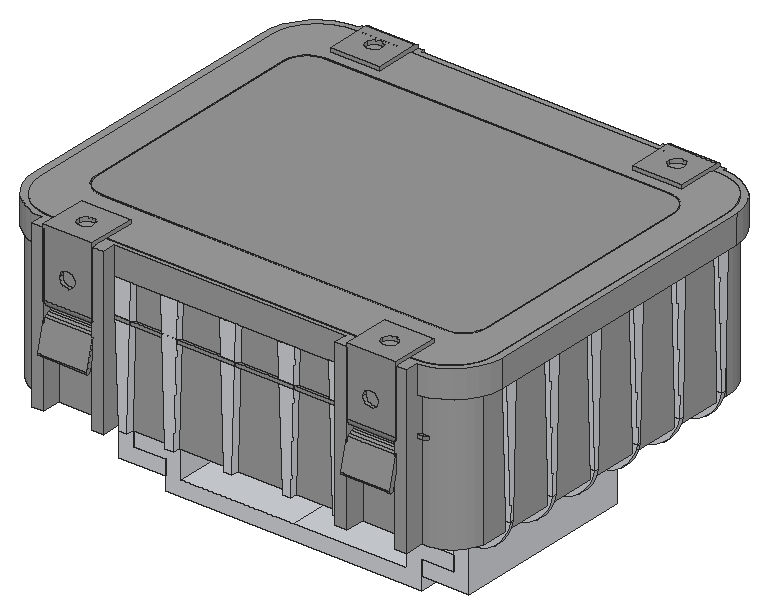
Revit family "BL716LEDHT", category Lighting Fixtures, host Face, Revit 2023
Family settings
  Host = Face
  Round Connector Dimension = Use Diameter
  Part Type = Normal
  Cut with Voids When Loaded = No
  Light Source = Yes
  Maintain Annotation Orientation = No
  Shared = No
  Room Calculation Point = No
Parameters (values of type "BL726LEDHTMOWT40120-277V")
  Wattage Comments = "30W"
  Wattage = 30 W
  built-in parameter 1150110 = 1 (stored number, unit not read)
  Type Image = BL716LED.PNG
  built-in parameter 1114217 = 0.9 (stored number, unit not read)
  Tilt Angle = -90.00°
  built-in parameter 1150109 = 1 (stored number, unit not read)
  built-in parameter 1150134 = (empty or 0)
  built-in parameter 1150113 = 1 (stored number, unit not read)
  Photometric Web File = "BL716LEDHTMOWT40120-277 TO REVIT.ies"
  Model = "BL716LED"
  Manufacturer = "BEGHELLI"
  built-in parameter 1150105 = 949.72 (stored number, unit not read)
  Lumens = 2010 lm
  built-in parameter 1150115 = 1 (stored number, unit not read)
  built-in parameter 1150137 = (empty or 0)
  built-in parameter 1150139 = (empty or 0)
  built-in parameter 1150112 = 1 (stored number, unit not read)
  built-in parameter 1150114 = 1 (stored number, unit not read)
  Lamp = "LED"
  LENS MATERIAL = LENS MATERIAL
  built-in parameter 1150132 = (empty or 0)
  built-in parameter 1150102 = (empty or 0)
  built-in parameter 1150107 = 3500 (stored number, unit not read)
  built-in parameter 1150138 = (empty or 0)
  built-in parameter 1150106 = 9.4972 (stored number, unit not read)
  HOUSING MATERIAL = HOUSING MATERIAL
  Emit from Line Length = 2' - 0"
  built-in parameter 1150104 = 6.2245 (stored number, unit not read)
  Dimming Lamp Color Temperature Shift = <None>
  Default Elevation = 4' - 0"
  Color Filter = 16777215
  built-in parameter 1114218 = 1 (stored number, unit not read)
  built-in parameter 1150133 = 10 (stored number, unit not read)
Types (4): name | Wattage Comments | Wattage | Photometric Web File | built-in parameter 1150105 | Lumens | built-in parameter 1150106 | built-in parameter 1150104
  (no name) | "30W" | 30 W | "BL716LEDHTMOWT40120-277 TO REVIT.ies" | 949.72 (stored number, unit not read) | 2010 lm | 9.4972 (stored number, unit not read) | 6.2245 (stored number, unit not read)
  BL726LEDHTHOWT40120-277V | "40W" | 40 W | "BL716LEDHTHOWT40120-277 TO REVIT.ies" | 210.08 (stored number, unit not read) | 2640 lm | 2.1008 (stored number, unit not read) | 6.1316 (stored number, unit not read)
  BL726LEDHTLOWT40120-277V | "20W" | 20 W | "BL716LEDHTLOWT40120-277 TO REVIT.ies" | 633.44 (stored number, unit not read) | 1340 lm | 6.3344 (stored number, unit not read) | 6.2245 (stored number, unit not read)
  BL726LEDHTMOWT40120-277V | "30W" | 30 W | "BL716LEDHTMOWT40120-277 TO REVIT.ies" | 949.72 (stored number, unit not read) | 2010 lm | 9.4972 (stored number, unit not read) | 6.2245 (stored number, unit not read)
Reference planes (in)
  plane 1 "Center (Front/Back)": y = 0
  plane 2: z = 0
  plane 3 "Center (Left/Right)": x = 0
Forms (in)
  Extrusion 1, solid
    sketch origin (0, -0.18078, -2.59375) x (1, 0, 0) y (0, 0, 1)
      loop
        line (-2.77079, 3.72427) -> (-2.77079, 2.7983) -> (-2.02079, 2.7983) -> (-2.02079, 3.03658) -> (-2.53251, 3.03658) -> (-2.53251, 3.48599) -> (2.53251, 3.48599) -> (2.53251, 3.03658) -> (2.02079, 3.03658) -> (2.02079, 2.7983) -> (2.77079, 2.7983) -> (2.77079, 3.72427) -> (-2.77079, 3.72427)
    from -1.64858 to 1.28701
  Extrusion 2, solid
    sketch origin (0, -0.18078, 0) x (1, 0, 0) y (0, 0, 1)
      loop
        line (-2.02079, 0.44283) -> (-2.02079, 0) -> (0, 0) -> (2.02079, 0) -> (2.02079, 0.44283) -> (2.53251, 0.44283) -> (2.53251, 0.68111) -> (1.78251, 0.68111) -> (1.78251, 0.23828) -> (0, 0.23828) -> (-1.78251, 0.23828) -> (-1.78251, 0.68111) -> (-2.53251, 0.68111) -> (-2.53251, 0.44283) -> (-2.02079, 0.44283)
    from -1.64858 to 1.28701
Dimensions and locks (in)
  aligned and locked: plane 2 to host face
  aligned and locked: level to host face
  aligned and locked: nested 1 to Extrusion 1
  aligned and locked: imposter light to nested 1
Nested families (in)
  nested 1: "BOX LED mini" at (-0.02344, 0, -5.83366), type "BOX LED mini"
Definition of nested family "BOX LED mini"
  Parameters (values of type "BOX LED mini")
    LENS MATERIAL = none
    HOUSING MATERIAL = none
    Default Elevation = 0' - 0"
  Reference planes (in)
    plane 1 "Center (Front/Back)": y = 0
    plane 2: z = 0
    plane 3 "Center (Left/Right)": x = 0
    plane 4: z = 9.5
    plane 5: y = 3.48
    plane 6 "A": z = 7.3365
    plane 7: x = -3.72
    plane 8: x = 3.72
    plane 9: y = -3.48
  Forms (in)
    Extrusion 1, solid, material <- "HOUSING MATERIAL"
      sketch origin (0, 0, 9.10704) x (0, -1, 0) y (1, 0, 0)
        loop
          arc (-2.68472, 3.71875) -> (-3.2251, 3.45056) -> (-3.44866, 2.89024) r 0.8445
          line (-3.44866, 2.89024) -> (-3.49581, 2.89024) -> (-3.49581, 2.77404) -> (-3.4395, 2.77404) -> (-3.4395, 2.02404) -> (-3.49581, 2.02404) -> (-3.49581, 1.89939) -> (-3.45091, 1.89939) -> (-3.45091, -1.88723) -> (-3.49581, -1.88723) -> (-3.49581, -2.00344) -> (-3.4395, -2.00344) -> (-3.4395, -2.75344) -> (-3.49581, -2.75344) -> (-3.49581, -2.87809) -> (-3.44875, -2.87809)
          arc (-3.44875, -2.87809) -> (-3.2014, -3.47524) -> (-2.60425, -3.72259) r 0.8445
          line (-2.60425, -3.72259) -> (1.90112, -3.72259)
          arc (1.90112, -3.72259) -> (2.4744, -3.4982) -> (2.74303, -2.94427) r 0.8445
          line (2.74303, -2.94427) -> (2.93493, -2.94427) -> (2.93493, -2.75483) -> (2.73314, -2.75483) -> (2.73314, -1.99665) -> (2.93493, -1.99665) -> (2.93493, -1.80722) -> (2.73314, -1.80722) -> (2.73314, 1.85261) -> (2.93493, 1.85261) -> (2.93493, 2.04204) -> (2.73314, 2.04204) -> (2.73314, 2.80023) -> (2.93493, 2.80023) -> (2.93493, 2.98966) -> (2.73822, 2.98966)
          arc (2.73822, 2.98966) -> (2.48711, 3.48621) -> (1.9816, 3.71875) r 0.8445
          line (1.9816, 3.71875) -> (-2.68472, 3.71875)
        loop
          line (-2.20918, -3.07416) -> (1.47905, -3.07416)
          arc (1.47905, -3.07416) -> (1.73922, -2.96639) -> (1.84699, -2.70621) r 0.36794
          line (1.84699, -2.70621) -> (1.84699, 2.718)
          arc (1.84699, 2.718) -> (1.73922, 2.97817) -> (1.47905, 3.08594) r 0.36794
          line (1.47905, 3.08594) -> (-2.20918, 3.08594)
          arc (-2.20918, 3.08594) -> (-2.46936, 2.97817) -> (-2.57712, 2.718) r 0.36794
          line (-2.57712, 2.718) -> (-2.57712, -2.70621)
          arc (-2.57712, -2.70621) -> (-2.46936, -2.96639) -> (-2.20918, -3.07416) r 0.36794
      from 0.39296 to 0.8254
    Extrusion 2, solid, material <- "HOUSING MATERIAL"
      sketch origin (0, 0, 0) x (1, 0, 0) y (0, 1, 0)
        loop
          arc (-2.87425, 3.35891) -> (-3.38577, 3.14702) -> (-3.59766, 2.6355) r 0.72341
          line (-3.59766, 2.6355) -> (-3.59766, -2.17415)
          arc (-3.59766, -2.17415) -> (-3.35378, -2.52183) -> (-2.94427, -2.63434) r 0.62703
          line (-2.94427, -2.63434) -> (-2.94427, -2.93493) -> (-2.75483, -2.93493) -> (-2.75483, -2.63388) -> (-1.99665, -2.63388) -> (-1.99665, -2.93493) -> (-1.80722, -2.93493) -> (-1.80722, -2.63388) -> (1.85261, -2.63388) -> (1.85261, -2.93493) -> (2.04204, -2.93493) -> (2.04204, -2.63388) -> (2.80171, -2.63388) -> (2.80171, -2.93493) -> (2.99114, -2.93493) -> (2.99114, -2.63622)
          arc (2.99114, -2.63622) -> (3.3727, -2.50796) -> (3.59766, -2.17415) r 0.62703
          line (3.59766, -2.17415) -> (3.59766, 2.6355)
          arc (3.59766, 2.6355) -> (3.38577, 3.14702) -> (2.87425, 3.35891) r 0.72341
          line (2.87425, 3.35891) -> (-1.86994, 3.35891) -> (-2.87425, 3.35891)
      from 7.3365 to 9.5
    Extrusion 3, void
      sketch origin (0, 0, 0) x (1, 0, 0) y (0, 1, 0)
        loop
          line (-3.0926, 2.57712) -> (-3.0926, -1.84699) -> (3.06006, -1.84699) -> (3.06006, 2.57712) -> (-3.0926, 2.57712)
      from 7.71759 to 10.7086
    Extrusion 4, solid
      sketch origin (0, -2.57301, 1.45004) x (1, 0, 0) y (0, 0, -1)
        loop
          line (-3.6875, -6.04979) -> (3.6875, -6.04979)
          arc (3.6875, -6.04979) -> (3.48422, -5.67738) -> (3.0926, -5.51414) r 0.63953
          line (3.0926, -5.51414) -> (-3.0926, -5.51414)
          arc (-3.0926, -5.51414) -> (-3.48422, -5.67738) -> (-3.6875, -6.04979) r 0.63953
      from 4.99389 to 5.04709
    Extrusion 5, solid
      sketch origin (0, -3.40921, 1.45004) x (1, 0, 0) y (0, 0, -1)
        loop
          line (-3.6875, -6.04979) -> (3.6875, -6.04979)
          arc (3.6875, -6.04979) -> (3.48422, -5.67738) -> (3.0926, -5.51414) r 0.63953
          line (3.0926, -5.51414) -> (-3.0926, -5.51414)
          arc (-3.0926, -5.51414) -> (-3.48422, -5.67738) -> (-3.6875, -6.04979) r 0.63953
      from 4.99389 to 5.04709
    Extrusion 6, solid
      sketch origin (0, -4.2454, 1.45004) x (1, 0, 0) y (0, 0, -1)
        loop
          line (-3.6875, -6.04979) -> (3.6875, -6.04979)
          arc (3.6875, -6.04979) -> (3.48422, -5.67738) -> (3.0926, -5.51414) r 0.63953
          line (3.0926, -5.51414) -> (-3.0926, -5.51414)
          arc (-3.0926, -5.51414) -> (-3.48422, -5.67738) -> (-3.6875, -6.04979) r 0.63953
      from 4.99389 to 5.04709
    Extrusion 7, solid
      sketch origin (0, -5.08159, 1.45004) x (1, 0, 0) y (0, 0, -1)
        loop
          line (-3.6875, -6.04979) -> (3.6875, -6.04979)
          arc (3.6875, -6.04979) -> (3.48422, -5.67738) -> (3.0926, -5.51414) r 0.63953
          line (3.0926, -5.51414) -> (-3.0926, -5.51414)
          arc (-3.0926, -5.51414) -> (-3.48422, -5.67738) -> (-3.6875, -6.04979) r 0.63953
      from 4.99389 to 5.04709
    Extrusion 8, solid
      sketch origin (0, -5.91779, 1.45004) x (1, 0, 0) y (0, 0, -1)
        loop
          line (-3.6875, -6.04979) -> (3.6875, -6.04979)
          arc (3.6875, -6.04979) -> (3.48422, -5.67738) -> (3.0926, -5.51414) r 0.63953
          line (3.0926, -5.51414) -> (-3.0926, -5.51414)
          arc (-3.0926, -5.51414) -> (-3.48422, -5.67738) -> (-3.6875, -6.04979) r 0.63953
      from 4.99389 to 5.04709
    Extrusion 9, solid
      sketch origin (0, -6.75398, 1.45004) x (1, 0, 0) y (0, 0, -1)
        loop
          line (-3.6875, -6.04979) -> (3.6875, -6.04979)
          arc (3.6875, -6.04979) -> (3.48422, -5.67738) -> (3.0926, -5.51414) r 0.63953
          line (3.0926, -5.51414) -> (-3.0926, -5.51414)
          arc (-3.0926, -5.51414) -> (-3.48422, -5.67738) -> (-3.6875, -6.04979) r 0.63953
      from 4.99389 to 5.04709
    Extrusion 10, solid
      sketch origin (2.6875, -7.43881, 0.55573) x (0, 1, 0) y (0, 0, 1)
        loop
          line (9.91289, 6.9441) -> (9.97124, 8.94427) -> (9.79543, 8.94427) -> (9.85968, 6.9441) -> (9.91289, 6.9441)
      from -6.375 to -6.25391
    Extrusion 11, solid
      sketch origin (2.6875, -8.275, 0.55573) x (0, 1, 0) y (0, 0, 1)
        loop
          line (9.91289, 6.9441) -> (9.97124, 8.94427) -> (9.79543, 8.94427) -> (9.85968, 6.9441) -> (9.91289, 6.9441)
      from -6.375 to -6.25391
    Extrusion 12, solid
      sketch origin (2.6875, -9.1112, 0.55573) x (0, 1, 0) y (0, 0, 1)
        loop
          line (9.91289, 6.9441) -> (9.97124, 8.94427) -> (9.79543, 8.94427) -> (9.85968, 6.9441) -> (9.91289, 6.9441)
      from -6.375 to -6.25391
    Extrusion 13, solid
      sketch origin (2.6875, -9.94739, 0.55573) x (0, 1, 0) y (0, 0, 1)
        loop
          line (9.91289, 6.9441) -> (9.97124, 8.94427) -> (9.79543, 8.94427) -> (9.85968, 6.9441) -> (9.91289, 6.9441)
      from -6.375 to -6.25391
    Extrusion 14, solid
      sketch origin (2.6875, -10.78358, 0.55573) x (0, 1, 0) y (0, 0, 1)
        loop
          line (9.91289, 6.9441) -> (9.97124, 8.94427) -> (9.79543, 8.94427) -> (9.85968, 6.9441) -> (9.91289, 6.9441)
      from -6.375 to -6.25391
    Extrusion 15, solid
      sketch origin (2.6875, -11.61978, 0.55573) x (0, 1, 0) y (0, 0, 1)
        loop
          line (9.91289, 6.9441) -> (9.97124, 8.94427) -> (9.79543, 8.94427) -> (9.85968, 6.9441) -> (9.91289, 6.9441)
      from -6.375 to -6.25391
    Extrusion 16, solid
      sketch origin (-16.7762, -8.75578, 0.55573) x (1, 0, 0) y (0, 0, 1)
        loop
          line (15.04917, 6.78077) -> (15.18084, 6.78077) -> (15.24262, 8.94427) -> (14.97903, 8.94427) -> (15.04917, 6.78077)
      from -6.24093 to -6.13234
    Extrusion 17, solid
      sketch origin (-15.11275, -8.75578, 0.55573) x (1, 0, 0) y (0, 0, 1)
        loop
          line (15.04917, 6.78077) -> (15.18084, 6.78077) -> (15.24262, 8.94427) -> (14.97903, 8.94427) -> (15.04917, 6.78077)
      from -6.24093 to -6.13234
    Extrusion 18, solid
      sketch origin (-13.3894, -8.75578, 0.55573) x (1, 0, 0) y (0, 0, 1)
        loop
          line (15.04917, 6.78077) -> (15.18084, 6.78077) -> (15.24262, 8.94427) -> (14.97903, 8.94427) -> (15.04917, 6.78077)
      from -6.24093 to -6.13234
    Extrusion 19, solid
      sketch origin (-2.6875, 15.80075, 0.55573) x (0, -1, 0) y (0, 0, 1)
        loop
          line (13.32667, 6.9441) -> (13.37988, 6.9441) -> (13.44413, 8.94427) -> (13.26832, 8.94427) -> (13.32667, 6.9441)
      from -6.375 to -6.25391
    Extrusion 20, solid
      sketch origin (-2.6875, 14.96456, 0.55573) x (0, -1, 0) y (0, 0, 1)
        loop
          line (13.32667, 6.9441) -> (13.37988, 6.9441) -> (13.44413, 8.94427) -> (13.26832, 8.94427) -> (13.32667, 6.9441)
      from -6.375 to -6.25391
    Extrusion 21, solid
      sketch origin (-2.6875, 14.12836, 0.55573) x (0, -1, 0) y (0, 0, 1)
        loop
          line (13.32667, 6.9441) -> (13.37988, 6.9441) -> (13.44413, 8.94427) -> (13.26832, 8.94427) -> (13.32667, 6.9441)
      from -6.375 to -6.25391
    Extrusion 22, solid
      sketch origin (-2.6875, 13.29217, 0.55573) x (0, -1, 0) y (0, 0, 1)
        loop
          line (13.32667, 6.9441) -> (13.37988, 6.9441) -> (13.44413, 8.94427) -> (13.26832, 8.94427) -> (13.32667, 6.9441)
      from -6.375 to -6.25391
    Extrusion 23, solid
      sketch origin (-2.6875, 12.45597, 0.55573) x (0, -1, 0) y (0, 0, 1)
        loop
          line (13.32667, 6.9441) -> (13.37988, 6.9441) -> (13.44413, 8.94427) -> (13.26832, 8.94427) -> (13.32667, 6.9441)
      from -6.375 to -6.25391
    Extrusion 24, solid
      sketch origin (-2.6875, 11.61978, 0.55573) x (0, -1, 0) y (0, 0, 1)
        loop
          line (13.32667, 6.9441) -> (13.37988, 6.9441) -> (13.44413, 8.94427) -> (13.26832, 8.94427) -> (13.32667, 6.9441)
      from -6.375 to -6.25391
    Extrusion 25, solid
      sketch origin (-14.18643, -8.75578, 0.55573) x (1, 0, 0) y (0, 0, 1)
        loop
          line (15.04917, 6.78077) -> (15.18084, 6.78077) -> (15.24262, 8.94427) -> (14.97903, 8.94427) -> (15.04917, 6.78077)
      from -6.24093 to -6.13234
    Extrusion 26, solid
      sketch origin (14.18643, 9.00314, 0.55573) x (-1, 0, 0) y (0, 0, 1)
        loop
          line (15.04917, 6.78077) -> (15.18084, 6.78077) -> (15.24262, 8.94427) -> (14.97903, 8.94427) -> (15.04917, 6.78077)
      from -6.24093 to -6.13234
    Extrusion 27, solid
      sketch origin (-16.7762, -2.69328, 0.55573) x (1, 0, 0) y (0, 0, 1)
        loop
          line (15.04917, 6.78077) -> (15.18084, 6.78077) -> (15.24262, 8.94427) -> (14.97903, 8.94427) -> (15.04917, 6.78077)
      from -6.24093 to -6.13234
    Extrusion 28, solid
      sketch origin (-15.11275, -2.69328, 0.55573) x (1, 0, 0) y (0, 0, 1)
        loop
          line (15.04917, 6.78077) -> (15.18084, 6.78077) -> (15.24262, 8.94427) -> (14.97903, 8.94427) -> (15.04917, 6.78077)
      from -6.24093 to -6.13234
    Extrusion 29, solid
      sketch origin (-13.3894, -2.69328, 0.55573) x (1, 0, 0) y (0, 0, 1)
        loop
          line (15.04917, 6.78077) -> (15.18084, 6.78077) -> (15.24262, 8.94427) -> (14.97903, 8.94427) -> (15.04917, 6.78077)
      from -6.24093 to -6.13234
    Extrusion 30, solid
      sketch origin (-14.18643, -2.69328, 0.55573) x (1, 0, 0) y (0, 0, 1)
        loop
          line (15.04917, 6.78077) -> (15.18084, 6.78077) -> (15.24262, 8.94427) -> (14.97903, 8.94427) -> (15.04917, 6.78077)
      from -6.24093 to -6.13234
    Extrusion 31, solid
      sketch origin (14.18643, 15.06564, 0.55573) x (-1, 0, 0) y (0, 0, 1)
        loop
          line (15.04917, 6.78077) -> (15.18084, 6.78077) -> (15.24262, 8.94427) -> (14.97903, 8.94427) -> (15.04917, 6.78077)
      from -6.24093 to -6.13234
    Extrusion 32, solid
      sketch origin (-12.59238, -2.69328, 0.55573) x (1, 0, 0) y (0, 0, 1)
        loop
          line (15.04917, 6.78077) -> (15.18084, 6.78077) -> (15.24262, 8.94427) -> (14.97903, 8.94427) -> (15.04917, 6.78077)
      from -6.24093 to -6.13234
    Extrusion 33, solid
      sketch origin (-17.50882, -2.69328, 0.55573) x (1, 0, 0) y (0, 0, 1)
        loop
          line (15.04917, 6.78077) -> (15.18084, 6.78077) -> (15.24262, 8.94427) -> (14.97903, 8.94427) -> (15.04917, 6.78077)
      from -6.24093 to -6.13234
  Cuts and joins
    Extrusion 3 cuts Extrusion 2
    joined: Extrusion 1, Extrusion 2
  Dimensions and locks (in)
    aligned and locked: plane 2 to level
  Nested families (in)
    nested 1: "LID mini" at (0, 0, 9.50139), type "LID mini"
    nested 2: "HOUSING CLIPS MINI" at (7.91927, -10.83831, 8.03) x (-1, -0.0013, 0) z (0, 0, 1), type "HOUSING CLIPS MINI"
    nested 3: "HOUSING CLIPS MINI" at (-7.87239, -10.83831, 8.03) x (1, -0.0013, 0) z (0, 0, 1), type "HOUSING CLIPS MINI"
    nested 4: "HOUSING CLIPS MINI 2" at (-7.85725, 11.40444, 8.03965), type "HOUSING CLIPS MINI 2"
    nested 5: "HOUSING CLIPS MINI 2" at (7.8885, 11.40444, 8.03965) x (-1, 0, 0) z (0, 0, 1), type "HOUSING CLIPS MINI 2"
    nested 6: "LED BOARD MINI" at (0, 0.25781, 1.0388), type "LED BOARD MINI"
    nested 7: "REFLECTOR MINI I" at (0, 0, 0), type "REFLECTOR MINI I"
  Definition of nested family "LID mini"
    Parameters (values of type "LID mini")
      LENS MATERIAL = none
      HOUSING MATERIAL = none
      Default Elevation = 0' - 0"
    Reference planes (in)
      plane 1 "Center (Front/Back)": y = 0
      plane 2: z = 0
      plane 3 "Center (Left/Right)": x = 0
      plane 4: x = -6.375
      plane 5: x = 6.375
      plane 6: y = 6.3125
      plane 7: y = -6.3125
    Forms (in)
      Extrusion 1, solid, material <- "HOUSING MATERIAL"
        sketch origin (0, 0, 0) x (1, 0, 0) y (0, 1, 0)
          loop
            arc (-2.88233, 3.35891) -> (-3.38814, 3.14939) -> (-3.59766, 2.64358) r 0.71532
            line (-3.59766, 2.64358) -> (-3.59766, -1.94046)
            arc (-3.59766, -1.94046) -> (-3.38814, -2.44627) -> (-2.88233, -2.65578) r 0.71532
            line (-2.88233, -2.65578) -> (2.88233, -2.65578)
            arc (2.88233, -2.65578) -> (3.38814, -2.44627) -> (3.59766, -1.94046) r 0.71532
            line (3.59766, -1.94046) -> (3.59766, 2.64358)
            arc (3.59766, 2.64358) -> (3.38814, 3.14939) -> (2.88233, 3.35891) r 0.71532
            line (2.88233, 3.35891) -> (-2.88233, 3.35891)
          loop
            arc (-2.71793, 2.57712) -> (-2.96793, 2.47915) -> (-3.08479, 2.2374) r 0.36794
            line (-3.08479, 2.2374) -> (-3.08479, -1.50727)
            arc (-3.08479, -1.50727) -> (-2.96793, -1.74901) -> (-2.71793, -1.84699) r 0.36794
            line (-2.71793, -1.84699) -> (2.718, -1.84699)
            arc (2.718, -1.84699) -> (2.97817, -1.73922) -> (3.08594, -1.47905) r 0.36794
            line (3.08594, -1.47905) -> (3.08594, 2.20918)
            arc (3.08594, 2.20918) -> (2.97817, 2.46936) -> (2.718, 2.57712) r 0.36794
            line (2.718, 2.57712) -> (-2.71793, 2.57712)
        from 0 to 0.43104
      Extrusion 2, solid, material <- "LENS MATERIAL"
        sketch origin (0, 0, 0) x (1, 0, 0) y (0, 1, 0)
          loop
            arc (-2.71793, 2.57712) -> (-2.97811, 2.46936) -> (-3.08594, 2.20918) r 0.36794
            line (-3.08594, 2.20918) -> (-3.08587, -1.47905)
            arc (-3.08587, -1.47905) -> (-2.97811, -1.73922) -> (-2.71793, -1.84699) r 0.36794
            line (-2.71793, -1.84699) -> (2.718, -1.84699)
            arc (2.718, -1.84699) -> (2.97817, -1.73922) -> (3.08594, -1.47905) r 0.36794
            line (3.08594, -1.47905) -> (3.08594, 2.20918)
            arc (3.08594, 2.20918) -> (2.97817, 2.46936) -> (2.718, 2.57712) r 0.36794
            line (2.718, 2.57712) -> (-2.71793, 2.57712)
        from 0 to 0.43104
    Dimensions and locks (in)
      plane 4 to plane 3 "Center (Left/Right)" = 0' - 6 3/8"
      plane 6 to plane 1 "Center (Front/Back)" = 0' - 6 5/16"
      aligned and locked: plane 2 to level
  Definition of nested family "HOUSING CLIPS MINI"
    Parameters (values of type "HOUSING CLIPS MINI")
      HOUSING MATERIAL = none
      Default Elevation = 0' - 0"
      CLIP MATERIAL = none
    Reference planes (in)
      plane 1 "Center (Front/Back)": y = 0
      plane 2: z = 0
      plane 3 "Center (Left/Right)": x = 0
    Forms (in)
      Extrusion 1, solid, material <- "CLIP MATERIAL"
        sketch origin (0, -15.92423, 1.61742) x (0, -1, 0) y (0, 0, -1)
          loop
            line (-8.02017, 0.73108) -> (-8.02017, -0.33884) -> (-7.25915, -0.33884) -> (-7.25915, -0.28501) -> (-7.96157, -0.28501) -> (-7.96157, 0.73108)
            arc (-7.96157, 0.73108) -> (-7.94503, 0.77436) -> (-7.90384, 0.79559) r 0.0649
            arc (-7.90384, 0.79559) -> (-7.83924, 0.88203) -> (-7.88292, 0.98072) r 0.10688
            line (-7.88292, 0.98072) -> (-7.95551, 1.0034) -> (-8.06964, 1.46075)
            arc (-8.06964, 1.46075) -> (-8.10524, 1.4824) -> (-8.12665, 1.44719) r 0.0293
            line (-8.12665, 1.44719) -> (-8.00989, 0.9793)
            arc (-8.00989, 0.9793) -> (-8.00142, 0.96277) -> (-7.98651, 0.9517) r 0.04088
            line (-7.98651, 0.9517) -> (-7.92892, 0.9337)
            arc (-7.92892, 0.9337) -> (-7.91415, 0.92654) -> (-7.90213, 0.91536) r 0.05539
            arc (-7.90213, 0.91536) -> (-7.8993, 0.87982) -> (-7.92164, 0.85203) r 0.04828
            arc (-7.92164, 0.85203) -> (-7.99242, 0.80908) -> (-8.02017, 0.73108) r 0.1235
        from 5.09806 to 5.8708
      Extrusion 2, void
        sketch origin (-0.09375, -15.92423, 1.61742) x (1, 0, 0) y (0, 0, -1)
          loop
            circle (5.57949, 0.3204) r 0.125
        from 7.87431 to 8.13209
      Extrusion 3, void
        sketch origin (-0.08594, -15.92423, 1.61742) x (0, -1, 0) y (1, 0, 0)
          loop
            circle (-7.64517, 5.56624) r 0.125
        from 0.1961 to 0.44919
    Cuts and joins
      Extrusion 2, Extrusion 3 cuts Extrusion 1
    Dimensions and locks (in)
      aligned and locked: plane 2 to level
  Definition of nested family "HOUSING CLIPS MINI 2"
    Parameters (values of type "HOUSING CLIPS MINI 2")
      HOUSING MATERIAL = none
      Default Elevation = 0' - 0"
      CLIP MATERIAL = none
    Reference planes (in)
      plane 1 "Center (Front/Back)": y = 0
      plane 2: z = 0
      plane 3 "Center (Left/Right)": x = 0
    Forms (in)
      Extrusion 1, solid, material <- "CLIP MATERIAL"
        sketch origin (0, -15.92423, 1.61742) x (0, -1, 0) y (0, 0, -1)
          loop
            line (-8.02017, -0.07265) -> (-8.02017, -0.28024)
            arc (-8.02017, -0.28024) -> (-8.003, -0.32167) -> (-7.96157, -0.33884) r 0.05859
            line (-7.96157, -0.33884) -> (-7.25915, -0.33884) -> (-7.25915, -0.28501) -> (-7.84519, -0.28501)
            arc (-7.84519, -0.28501) -> (-7.89523, -0.26428) -> (-7.91596, -0.21424) r 0.07077
            line (-7.91596, -0.21424) -> (-7.91596, -0.07265)
            arc (-7.91596, -0.07265) -> (-7.96806, -0.02054) -> (-8.02017, -0.07265) r 0.0521
        from 5.09806 to 5.8708
      Extrusion 2, void
        sketch origin (-0.08594, -15.92423, 1.61742) x (0, -1, 0) y (1, 0, 0)
          loop
            circle (-7.64517, 5.56624) r 0.125
        from 0.1961 to 0.44919
    Cuts and joins
      Extrusion 2 cuts Extrusion 1
    Dimensions and locks (in)
      aligned and locked: plane 2 to level
  Definition of nested family "LED BOARD MINI"
    Parameters (values of type "LED BOARD MINI")
      LED CHIP = none
      LED BOARD = none
      HOUSING MATERIAL = none
      Default Elevation = 0' - 0"
    Reference planes (in)
      plane 1 "Center (Front/Back)": y = 0
      plane 2: z = 0
      plane 3 "Center (Left/Right)": x = 0
      plane 4: z = 9.5
      plane 5 "A": z = 5.13914
      plane 6: y = 1.08
      plane 7: y = -1.08
      plane 8: x = -5.89844
      plane 9: x = 5.89844
    Forms (in)
      Extrusion 1, solid, material <- "LED BOARD"
        sketch origin (0, 0, 0) x (0, 1, 0) y (0, 0, 1)
          loop
            line (0.53607, 6.75806) -> (-0.48198, 6.75806) -> (-0.48198, 6.67886) -> (0.53607, 6.67886) -> (0.53607, 6.75806)
        from -3.0024 to 3.0024
      Extrusion 2, solid, material <- "LED CHIP"
        sketch origin (0.41111, 0, 0) x (1, 0, 0) y (0, 1, 0)
          loop
            line (-3.31571, 0.06163) -> (-3.31571, -0.05781) -> (-3.18632, -0.05781) -> (-3.18632, 0.06163) -> (-3.31571, 0.06163)
        from 6.75806 to 6.78035
      Extrusion 3, solid, material <- "LED CHIP"
        sketch origin (0.41111, 0.26805, 0) x (1, 0, 0) y (0, 1, 0)
          loop
            line (-3.31571, 0.06163) -> (-3.31571, -0.05781) -> (-3.18632, -0.05781) -> (-3.18632, 0.06163) -> (-3.31571, 0.06163)
        from 6.75806 to 6.78035
      Extrusion 4, solid, material <- "LED CHIP"
        sketch origin (0.41111, -0.26805, 0) x (1, 0, 0) y (0, 1, 0)
          loop
            line (-3.31571, -0.06163) -> (-3.18632, -0.06163) -> (-3.18632, 0.05781) -> (-3.31571, 0.05781) -> (-3.31571, -0.06163)
        from 6.75806 to 6.78035
      Extrusion 5, solid, material <- "LED CHIP"
        sketch origin (0.63831, 0, 0) x (1, 0, 0) y (0, 1, 0)
          loop
            line (-3.31571, 0.06163) -> (-3.31571, -0.05781) -> (-3.18632, -0.05781) -> (-3.18632, 0.06163) -> (-3.31571, 0.06163)
        from 6.75806 to 6.78035
      Extrusion 6, solid, material <- "LED CHIP"
        sketch origin (0.63831, 0.26805, 0) x (1, 0, 0) y (0, 1, 0)
          loop
            line (-3.31571, 0.06163) -> (-3.31571, -0.05781) -> (-3.18632, -0.05781) -> (-3.18632, 0.06163) -> (-3.31571, 0.06163)
        from 6.75806 to 6.78035
      Extrusion 7, solid, material <- "LED CHIP"
        sketch origin (0.63831, -0.26805, 0) x (1, 0, 0) y (0, 1, 0)
          loop
            line (-3.31571, -0.06163) -> (-3.18632, -0.06163) -> (-3.18632, 0.05781) -> (-3.31571, 0.05781) -> (-3.31571, -0.06163)
        from 6.75806 to 6.78035
      Extrusion 8, solid, material <- "LED CHIP"
        sketch origin (0.8655, 0, 0) x (1, 0, 0) y (0, 1, 0)
          loop
            line (-3.31571, 0.06163) -> (-3.31571, -0.05781) -> (-3.18632, -0.05781) -> (-3.18632, 0.06163) -> (-3.31571, 0.06163)
        from 6.75806 to 6.78035
      Extrusion 9, solid, material <- "LED CHIP"
        sketch origin (0.8655, 0.26805, 0) x (1, 0, 0) y (0, 1, 0)
          loop
            line (-3.31571, 0.06163) -> (-3.31571, -0.05781) -> (-3.18632, -0.05781) -> (-3.18632, 0.06163) -> (-3.31571, 0.06163)
        from 6.75806 to 6.78035
      Extrusion 10, solid, material <- "LED CHIP"
        sketch origin (0.8655, -0.26805, 0) x (1, 0, 0) y (0, 1, 0)
          loop
            line (-3.31571, -0.06163) -> (-3.18632, -0.06163) -> (-3.18632, 0.05781) -> (-3.31571, 0.05781) -> (-3.31571, -0.06163)
        from 6.75806 to 6.78035
      Extrusion 11, solid, material <- "LED CHIP"
        sketch origin (1.09269, 0, 0) x (1, 0, 0) y (0, 1, 0)
          loop
            line (-3.31571, 0.06163) -> (-3.31571, -0.05781) -> (-3.18632, -0.05781) -> (-3.18632, 0.06163) -> (-3.31571, 0.06163)
        from 6.75806 to 6.78035
      Extrusion 12, solid, material <- "LED CHIP"
        sketch origin (1.09269, 0.26805, 0) x (1, 0, 0) y (0, 1, 0)
          loop
            line (-3.31571, 0.06163) -> (-3.31571, -0.05781) -> (-3.18632, -0.05781) -> (-3.18632, 0.06163) -> (-3.31571, 0.06163)
        from 6.75806 to 6.78035
      Extrusion 13, solid, material <- "LED CHIP"
        sketch origin (1.09269, -0.26805, 0) x (1, 0, 0) y (0, 1, 0)
          loop
            line (-3.31571, -0.06163) -> (-3.18632, -0.06163) -> (-3.18632, 0.05781) -> (-3.31571, 0.05781) -> (-3.31571, -0.06163)
        from 6.75806 to 6.78035
      Extrusion 14, solid, material <- "LED CHIP"
        sketch origin (1.31988, 0, 0) x (1, 0, 0) y (0, 1, 0)
          loop
            line (-3.31571, 0.06163) -> (-3.31571, -0.05781) -> (-3.18632, -0.05781) -> (-3.18632, 0.06163) -> (-3.31571, 0.06163)
        from 6.75806 to 6.78035
      Extrusion 15, solid, material <- "LED CHIP"
        sketch origin (1.31988, 0.26805, 0) x (1, 0, 0) y (0, 1, 0)
          loop
            line (-3.31571, 0.06163) -> (-3.31571, -0.05781) -> (-3.18632, -0.05781) -> (-3.18632, 0.06163) -> (-3.31571, 0.06163)
        from 6.75806 to 6.78035
      Extrusion 16, solid, material <- "LED CHIP"
        sketch origin (1.31988, -0.26805, 0) x (1, 0, 0) y (0, 1, 0)
          loop
            line (-3.31571, -0.06163) -> (-3.18632, -0.06163) -> (-3.18632, 0.05781) -> (-3.31571, 0.05781) -> (-3.31571, -0.06163)
        from 6.75806 to 6.78035
      Extrusion 17, solid, material <- "LED CHIP"
        sketch origin (1.54707, 0, 0) x (1, 0, 0) y (0, 1, 0)
          loop
            line (-3.31571, 0.06163) -> (-3.31571, -0.05781) -> (-3.18632, -0.05781) -> (-3.18632, 0.06163) -> (-3.31571, 0.06163)
        from 6.75806 to 6.78035
      Extrusion 18, solid, material <- "LED CHIP"
        sketch origin (1.54707, 0.26805, 0) x (1, 0, 0) y (0, 1, 0)
          loop
            line (-3.31571, 0.06163) -> (-3.31571, -0.05781) -> (-3.18632, -0.05781) -> (-3.18632, 0.06163) -> (-3.31571, 0.06163)
        from 6.75806 to 6.78035
      Extrusion 19, solid, material <- "LED CHIP"
        sketch origin (1.54707, -0.26805, 0) x (1, 0, 0) y (0, 1, 0)
          loop
            line (-3.31571, -0.06163) -> (-3.18632, -0.06163) -> (-3.18632, 0.05781) -> (-3.31571, 0.05781) -> (-3.31571, -0.06163)
        from 6.75806 to 6.78035
      Extrusion 20, solid, material <- "LED CHIP"
        sketch origin (1.77427, 0, 0) x (1, 0, 0) y (0, 1, 0)
          loop
            line (-3.31571, 0.06163) -> (-3.31571, -0.05781) -> (-3.18632, -0.05781) -> (-3.18632, 0.06163) -> (-3.31571, 0.06163)
        from 6.75806 to 6.78035
      Extrusion 21, solid, material <- "LED CHIP"
        sketch origin (1.77427, 0.26805, 0) x (1, 0, 0) y (0, 1, 0)
          loop
            line (-3.31571, 0.06163) -> (-3.31571, -0.05781) -> (-3.18632, -0.05781) -> (-3.18632, 0.06163) -> (-3.31571, 0.06163)
        from 6.75806 to 6.78035
      Extrusion 22, solid, material <- "LED CHIP"
        sketch origin (1.77427, -0.26805, 0) x (1, 0, 0) y (0, 1, 0)
          loop
            line (-3.31571, -0.06163) -> (-3.18632, -0.06163) -> (-3.18632, 0.05781) -> (-3.31571, 0.05781) -> (-3.31571, -0.06163)
        from 6.75806 to 6.78035
      Extrusion 23, solid, material <- "LED CHIP"
        sketch origin (2.00146, 0, 0) x (1, 0, 0) y (0, 1, 0)
          loop
            line (-3.31571, 0.06163) -> (-3.31571, -0.05781) -> (-3.18632, -0.05781) -> (-3.18632, 0.06163) -> (-3.31571, 0.06163)
        from 6.75806 to 6.78035
      Extrusion 24, solid, material <- "LED CHIP"
        sketch origin (2.00146, 0.26805, 0) x (1, 0, 0) y (0, 1, 0)
          loop
            line (-3.31571, 0.06163) -> (-3.31571, -0.05781) -> (-3.18632, -0.05781) -> (-3.18632, 0.06163) -> (-3.31571, 0.06163)
        from 6.75806 to 6.78035
      Extrusion 25, solid, material <- "LED CHIP"
        sketch origin (2.00146, -0.26805, 0) x (1, 0, 0) y (0, 1, 0)
          loop
            line (-3.31571, -0.06163) -> (-3.18632, -0.06163) -> (-3.18632, 0.05781) -> (-3.31571, 0.05781) -> (-3.31571, -0.06163)
        from 6.75806 to 6.78035
      Extrusion 26, solid, material <- "LED CHIP"
        sketch origin (2.22865, 0, 0) x (1, 0, 0) y (0, 1, 0)
          loop
            line (-3.31571, 0.06163) -> (-3.31571, -0.05781) -> (-3.18632, -0.05781) -> (-3.18632, 0.06163) -> (-3.31571, 0.06163)
        from 6.75806 to 6.78035
      Extrusion 27, solid, material <- "LED CHIP"
        sketch origin (2.22865, 0.26805, 0) x (1, 0, 0) y (0, 1, 0)
          loop
            line (-3.31571, 0.06163) -> (-3.31571, -0.05781) -> (-3.18632, -0.05781) -> (-3.18632, 0.06163) -> (-3.31571, 0.06163)
        from 6.75806 to 6.78035
      Extrusion 28, solid, material <- "LED CHIP"
        sketch origin (2.22865, -0.26805, 0) x (1, 0, 0) y (0, 1, 0)
          loop
            line (-3.31571, -0.06163) -> (-3.18632, -0.06163) -> (-3.18632, 0.05781) -> (-3.31571, 0.05781) -> (-3.31571, -0.06163)
        from 6.75806 to 6.78035
      Extrusion 29, solid, material <- "LED CHIP"
        sketch origin (2.45584, 0, 0) x (1, 0, 0) y (0, 1, 0)
          loop
            line (-3.31571, 0.06163) -> (-3.31571, -0.05781) -> (-3.18632, -0.05781) -> (-3.18632, 0.06163) -> (-3.31571, 0.06163)
        from 6.75806 to 6.78035
      Extrusion 30, solid, material <- "LED CHIP"
        sketch origin (2.45584, 0.26805, 0) x (1, 0, 0) y (0, 1, 0)
          loop
            line (-3.31571, 0.06163) -> (-3.31571, -0.05781) -> (-3.18632, -0.05781) -> (-3.18632, 0.06163) -> (-3.31571, 0.06163)
        from 6.75806 to 6.78035
      Extrusion 31, solid, material <- "LED CHIP"
        sketch origin (2.45584, -0.26805, 0) x (1, 0, 0) y (0, 1, 0)
          loop
            line (-3.31571, -0.06163) -> (-3.18632, -0.06163) -> (-3.18632, 0.05781) -> (-3.31571, 0.05781) -> (-3.31571, -0.06163)
        from 6.75806 to 6.78035
      Extrusion 32, solid, material <- "LED CHIP"
        sketch origin (2.68304, 0, 0) x (1, 0, 0) y (0, 1, 0)
          loop
            line (-3.31571, 0.06163) -> (-3.31571, -0.05781) -> (-3.18632, -0.05781) -> (-3.18632, 0.06163) -> (-3.31571, 0.06163)
        from 6.75806 to 6.78035
      Extrusion 33, solid, material <- "LED CHIP"
        sketch origin (2.68304, 0.26805, 0) x (1, 0, 0) y (0, 1, 0)
          loop
            line (-3.31571, 0.06163) -> (-3.31571, -0.05781) -> (-3.18632, -0.05781) -> (-3.18632, 0.06163) -> (-3.31571, 0.06163)
        from 6.75806 to 6.78035
      Extrusion 34, solid, material <- "LED CHIP"
        sketch origin (2.68304, -0.26805, 0) x (1, 0, 0) y (0, 1, 0)
          loop
            line (-3.31571, -0.06163) -> (-3.18632, -0.06163) -> (-3.18632, 0.05781) -> (-3.31571, 0.05781) -> (-3.31571, -0.06163)
        from 6.75806 to 6.78035
      Extrusion 35, solid, material <- "LED CHIP"
        sketch origin (2.91023, 0, 0) x (1, 0, 0) y (0, 1, 0)
          loop
            line (-3.31571, 0.06163) -> (-3.31571, -0.05781) -> (-3.18632, -0.05781) -> (-3.18632, 0.06163) -> (-3.31571, 0.06163)
        from 6.75806 to 6.78035
      Extrusion 36, solid, material <- "LED CHIP"
        sketch origin (2.91023, 0.26805, 0) x (1, 0, 0) y (0, 1, 0)
          loop
            line (-3.31571, 0.06163) -> (-3.31571, -0.05781) -> (-3.18632, -0.05781) -> (-3.18632, 0.06163) -> (-3.31571, 0.06163)
        from 6.75806 to 6.78035
      Extrusion 37, solid, material <- "LED CHIP"
        sketch origin (2.91023, -0.26805, 0) x (1, 0, 0) y (0, 1, 0)
          loop
            line (-3.31571, -0.06163) -> (-3.18632, -0.06163) -> (-3.18632, 0.05781) -> (-3.31571, 0.05781) -> (-3.31571, -0.06163)
        from 6.75806 to 6.78035
      Extrusion 38, solid, material <- "LED CHIP"
        sketch origin (3.13742, 0, 0) x (1, 0, 0) y (0, 1, 0)
          loop
            line (-3.31571, 0.06163) -> (-3.31571, -0.05781) -> (-3.18632, -0.05781) -> (-3.18632, 0.06163) -> (-3.31571, 0.06163)
        from 6.75806 to 6.78035
      Extrusion 39, solid, material <- "LED CHIP"
        sketch origin (3.13742, 0.26805, 0) x (1, 0, 0) y (0, 1, 0)
          loop
            line (-3.31571, 0.06163) -> (-3.31571, -0.05781) -> (-3.18632, -0.05781) -> (-3.18632, 0.06163) -> (-3.31571, 0.06163)
        from 6.75806 to 6.78035
      Extrusion 40, solid, material <- "LED CHIP"
        sketch origin (3.13742, -0.26805, 0) x (1, 0, 0) y (0, 1, 0)
          loop
            line (-3.31571, -0.06163) -> (-3.18632, -0.06163) -> (-3.18632, 0.05781) -> (-3.31571, 0.05781) -> (-3.31571, -0.06163)
        from 6.75806 to 6.78035
      Extrusion 41, solid, material <- "LED CHIP"
        sketch origin (3.36461, 0, 0) x (1, 0, 0) y (0, 1, 0)
          loop
            line (-3.31571, 0.06163) -> (-3.31571, -0.05781) -> (-3.18632, -0.05781) -> (-3.18632, 0.06163) -> (-3.31571, 0.06163)
        from 6.75806 to 6.78035
      Extrusion 42, solid, material <- "LED CHIP"
        sketch origin (3.36461, 0.26805, 0) x (1, 0, 0) y (0, 1, 0)
          loop
            line (-3.31571, 0.06163) -> (-3.31571, -0.05781) -> (-3.18632, -0.05781) -> (-3.18632, 0.06163) -> (-3.31571, 0.06163)
        from 6.75806 to 6.78035
      Extrusion 43, solid, material <- "LED CHIP"
        sketch origin (3.36461, -0.26805, 0) x (1, 0, 0) y (0, 1, 0)
          loop
            line (-3.31571, -0.06163) -> (-3.18632, -0.06163) -> (-3.18632, 0.05781) -> (-3.31571, 0.05781) -> (-3.31571, -0.06163)
        from 6.75806 to 6.78035
      Extrusion 44, solid, material <- "LED CHIP"
        sketch origin (3.5918, 0, 0) x (1, 0, 0) y (0, 1, 0)
          loop
            line (-3.31571, 0.06163) -> (-3.31571, -0.05781) -> (-3.18632, -0.05781) -> (-3.18632, 0.06163) -> (-3.31571, 0.06163)
        from 6.75806 to 6.78035
      Extrusion 45, solid, material <- "LED CHIP"
        sketch origin (3.5918, 0.26805, 0) x (1, 0, 0) y (0, 1, 0)
          loop
            line (-3.31571, 0.06163) -> (-3.31571, -0.05781) -> (-3.18632, -0.05781) -> (-3.18632, 0.06163) -> (-3.31571, 0.06163)
        from 6.75806 to 6.78035
      Extrusion 46, solid, material <- "LED CHIP"
        sketch origin (3.5918, -0.26805, 0) x (1, 0, 0) y (0, 1, 0)
          loop
            line (-3.31571, -0.06163) -> (-3.18632, -0.06163) -> (-3.18632, 0.05781) -> (-3.31571, 0.05781) -> (-3.31571, -0.06163)
        from 6.75806 to 6.78035
      Extrusion 47, solid, material <- "LED CHIP"
        sketch origin (3.819, 0, 0) x (1, 0, 0) y (0, 1, 0)
          loop
            line (-3.31571, 0.06163) -> (-3.31571, -0.05781) -> (-3.18632, -0.05781) -> (-3.18632, 0.06163) -> (-3.31571, 0.06163)
        from 6.75806 to 6.78035
      Extrusion 48, solid, material <- "LED CHIP"
        sketch origin (3.819, 0.26805, 0) x (1, 0, 0) y (0, 1, 0)
          loop
            line (-3.31571, 0.06163) -> (-3.31571, -0.05781) -> (-3.18632, -0.05781) -> (-3.18632, 0.06163) -> (-3.31571, 0.06163)
        from 6.75806 to 6.78035
      Extrusion 49, solid, material <- "LED CHIP"
        sketch origin (3.819, -0.26805, 0) x (1, 0, 0) y (0, 1, 0)
          loop
            line (-3.31571, -0.06163) -> (-3.18632, -0.06163) -> (-3.18632, 0.05781) -> (-3.31571, 0.05781) -> (-3.31571, -0.06163)
        from 6.75806 to 6.78035
      Extrusion 50, solid, material <- "LED CHIP"
        sketch origin (4.04619, 0, 0) x (1, 0, 0) y (0, 1, 0)
          loop
            line (-3.31571, 0.06163) -> (-3.31571, -0.05781) -> (-3.18632, -0.05781) -> (-3.18632, 0.06163) -> (-3.31571, 0.06163)
        from 6.75806 to 6.78035
      Extrusion 51, solid, material <- "LED CHIP"
        sketch origin (4.04619, 0.26805, 0) x (1, 0, 0) y (0, 1, 0)
          loop
            line (-3.31571, 0.06163) -> (-3.31571, -0.05781) -> (-3.18632, -0.05781) -> (-3.18632, 0.06163) -> (-3.31571, 0.06163)
        from 6.75806 to 6.78035
      Extrusion 52, solid, material <- "LED CHIP"
        sketch origin (4.04619, -0.26805, 0) x (1, 0, 0) y (0, 1, 0)
          loop
            line (-3.31571, -0.06163) -> (-3.18632, -0.06163) -> (-3.18632, 0.05781) -> (-3.31571, 0.05781) -> (-3.31571, -0.06163)
        from 6.75806 to 6.78035
      Extrusion 53, solid, material <- "LED CHIP"
        sketch origin (4.27338, 0, 0) x (1, 0, 0) y (0, 1, 0)
          loop
            line (-3.31571, 0.06163) -> (-3.31571, -0.05781) -> (-3.18632, -0.05781) -> (-3.18632, 0.06163) -> (-3.31571, 0.06163)
        from 6.75806 to 6.78035
      Extrusion 54, solid, material <- "LED CHIP"
        sketch origin (4.27338, 0.26805, 0) x (1, 0, 0) y (0, 1, 0)
          loop
            line (-3.31571, 0.06163) -> (-3.31571, -0.05781) -> (-3.18632, -0.05781) -> (-3.18632, 0.06163) -> (-3.31571, 0.06163)
        from 6.75806 to 6.78035
      Extrusion 55, solid, material <- "LED CHIP"
        sketch origin (4.27338, -0.26805, 0) x (1, 0, 0) y (0, 1, 0)
          loop
            line (-3.31571, -0.06163) -> (-3.18632, -0.06163) -> (-3.18632, 0.05781) -> (-3.31571, 0.05781) -> (-3.31571, -0.06163)
        from 6.75806 to 6.78035
      Extrusion 56, solid, material <- "LED CHIP"
        sketch origin (4.50057, 0, 0) x (1, 0, 0) y (0, 1, 0)
          loop
            line (-3.31571, 0.06163) -> (-3.31571, -0.05781) -> (-3.18632, -0.05781) -> (-3.18632, 0.06163) -> (-3.31571, 0.06163)
        from 6.75806 to 6.78035
      Extrusion 57, solid, material <- "LED CHIP"
        sketch origin (4.50057, 0.26805, 0) x (1, 0, 0) y (0, 1, 0)
          loop
            line (-3.31571, 0.06163) -> (-3.31571, -0.05781) -> (-3.18632, -0.05781) -> (-3.18632, 0.06163) -> (-3.31571, 0.06163)
        from 6.75806 to 6.78035
      Extrusion 58, solid, material <- "LED CHIP"
        sketch origin (4.50057, -0.26805, 0) x (1, 0, 0) y (0, 1, 0)
          loop
            line (-3.31571, -0.06163) -> (-3.18632, -0.06163) -> (-3.18632, 0.05781) -> (-3.31571, 0.05781) -> (-3.31571, -0.06163)
        from 6.75806 to 6.78035
      Extrusion 59, solid, material <- "LED CHIP"
        sketch origin (4.72776, 0, 0) x (1, 0, 0) y (0, 1, 0)
          loop
            line (-3.31571, 0.06163) -> (-3.31571, -0.05781) -> (-3.18632, -0.05781) -> (-3.18632, 0.06163) -> (-3.31571, 0.06163)
        from 6.75806 to 6.78035
      Extrusion 60, solid, material <- "LED CHIP"
        sketch origin (4.72776, 0.26805, 0) x (1, 0, 0) y (0, 1, 0)
          loop
            line (-3.31571, 0.06163) -> (-3.31571, -0.05781) -> (-3.18632, -0.05781) -> (-3.18632, 0.06163) -> (-3.31571, 0.06163)
        from 6.75806 to 6.78035
      Extrusion 61, solid, material <- "LED CHIP"
        sketch origin (4.72776, -0.26805, 0) x (1, 0, 0) y (0, 1, 0)
          loop
            line (-3.31571, -0.06163) -> (-3.18632, -0.06163) -> (-3.18632, 0.05781) -> (-3.31571, 0.05781) -> (-3.31571, -0.06163)
        from 6.75806 to 6.78035
      Extrusion 62, solid, material <- "LED CHIP"
        sketch origin (4.95496, 0, 0) x (1, 0, 0) y (0, 1, 0)
          loop
            line (-3.31571, 0.06163) -> (-3.31571, -0.05781) -> (-3.18632, -0.05781) -> (-3.18632, 0.06163) -> (-3.31571, 0.06163)
        from 6.75806 to 6.78035
      Extrusion 63, solid, material <- "LED CHIP"
        sketch origin (4.95496, 0.26805, 0) x (1, 0, 0) y (0, 1, 0)
          loop
            line (-3.31571, 0.06163) -> (-3.31571, -0.05781) -> (-3.18632, -0.05781) -> (-3.18632, 0.06163) -> (-3.31571, 0.06163)
        from 6.75806 to 6.78035
      Extrusion 64, solid, material <- "LED CHIP"
        sketch origin (4.95496, -0.26805, 0) x (1, 0, 0) y (0, 1, 0)
          loop
            line (-3.31571, -0.06163) -> (-3.18632, -0.06163) -> (-3.18632, 0.05781) -> (-3.31571, 0.05781) -> (-3.31571, -0.06163)
        from 6.75806 to 6.78035
      Extrusion 65, solid, material <- "LED CHIP"
        sketch origin (5.18215, 0, 0) x (1, 0, 0) y (0, 1, 0)
          loop
            line (-3.31571, 0.06163) -> (-3.31571, -0.05781) -> (-3.18632, -0.05781) -> (-3.18632, 0.06163) -> (-3.31571, 0.06163)
        from 6.75806 to 6.78035
      Extrusion 66, solid, material <- "LED CHIP"
        sketch origin (5.18215, 0.26805, 0) x (1, 0, 0) y (0, 1, 0)
          loop
            line (-3.31571, 0.06163) -> (-3.31571, -0.05781) -> (-3.18632, -0.05781) -> (-3.18632, 0.06163) -> (-3.31571, 0.06163)
        from 6.75806 to 6.78035
      Extrusion 67, solid, material <- "LED CHIP"
        sketch origin (5.18215, -0.26805, 0) x (1, 0, 0) y (0, 1, 0)
          loop
            line (-3.31571, -0.06163) -> (-3.18632, -0.06163) -> (-3.18632, 0.05781) -> (-3.31571, 0.05781) -> (-3.31571, -0.06163)
        from 6.75806 to 6.78035
      Extrusion 68, solid, material <- "LED CHIP"
        sketch origin (5.40934, 0, 0) x (1, 0, 0) y (0, 1, 0)
          loop
            line (-3.31571, 0.06163) -> (-3.31571, -0.05781) -> (-3.18632, -0.05781) -> (-3.18632, 0.06163) -> (-3.31571, 0.06163)
        from 6.75806 to 6.78035
      Extrusion 69, solid, material <- "LED CHIP"
        sketch origin (5.40934, 0.26805, 0) x (1, 0, 0) y (0, 1, 0)
          loop
            line (-3.31571, 0.06163) -> (-3.31571, -0.05781) -> (-3.18632, -0.05781) -> (-3.18632, 0.06163) -> (-3.31571, 0.06163)
        from 6.75806 to 6.78035
      Extrusion 70, solid, material <- "LED CHIP"
        sketch origin (5.40934, -0.26805, 0) x (1, 0, 0) y (0, 1, 0)
          loop
            line (-3.31571, -0.06163) -> (-3.18632, -0.06163) -> (-3.18632, 0.05781) -> (-3.31571, 0.05781) -> (-3.31571, -0.06163)
        from 6.75806 to 6.78035
      Extrusion 71, solid, material <- "LED CHIP"
        sketch origin (5.63653, 0, 0) x (1, 0, 0) y (0, 1, 0)
          loop
            line (-3.31571, 0.06163) -> (-3.31571, -0.05781) -> (-3.18632, -0.05781) -> (-3.18632, 0.06163) -> (-3.31571, 0.06163)
        from 6.75806 to 6.78035
      Extrusion 72, solid, material <- "LED CHIP"
        sketch origin (5.63653, 0.26805, 0) x (1, 0, 0) y (0, 1, 0)
          loop
            line (-3.31571, 0.06163) -> (-3.31571, -0.05781) -> (-3.18632, -0.05781) -> (-3.18632, 0.06163) -> (-3.31571, 0.06163)
        from 6.75806 to 6.78035
      Extrusion 73, solid, material <- "LED CHIP"
        sketch origin (5.63653, -0.26805, 0) x (1, 0, 0) y (0, 1, 0)
          loop
            line (-3.31571, -0.06163) -> (-3.18632, -0.06163) -> (-3.18632, 0.05781) -> (-3.31571, 0.05781) -> (-3.31571, -0.06163)
        from 6.75806 to 6.78035
      Extrusion 74, solid, material <- "LED CHIP"
        sketch origin (5.86373, 0, 0) x (1, 0, 0) y (0, 1, 0)
          loop
            line (-3.31571, 0.06163) -> (-3.31571, -0.05781) -> (-3.18632, -0.05781) -> (-3.18632, 0.06163) -> (-3.31571, 0.06163)
        from 6.75806 to 6.78035
      Extrusion 75, solid, material <- "LED CHIP"
        sketch origin (5.86373, 0.26805, 0) x (1, 0, 0) y (0, 1, 0)
          loop
            line (-3.31571, 0.06163) -> (-3.31571, -0.05781) -> (-3.18632, -0.05781) -> (-3.18632, 0.06163) -> (-3.31571, 0.06163)
        from 6.75806 to 6.78035
      Extrusion 76, solid, material <- "LED CHIP"
        sketch origin (5.86373, -0.26805, 0) x (1, 0, 0) y (0, 1, 0)
          loop
            line (-3.31571, -0.06163) -> (-3.18632, -0.06163) -> (-3.18632, 0.05781) -> (-3.31571, 0.05781) -> (-3.31571, -0.06163)
        from 6.75806 to 6.78035
      Extrusion 77, solid, material <- "LED CHIP"
        sketch origin (6.09092, 0, 0) x (1, 0, 0) y (0, 1, 0)
          loop
            line (-3.31571, 0.06163) -> (-3.31571, -0.05781) -> (-3.18632, -0.05781) -> (-3.18632, 0.06163) -> (-3.31571, 0.06163)
        from 6.75806 to 6.78035
      Extrusion 78, solid, material <- "LED CHIP"
        sketch origin (6.09092, 0.26805, 0) x (1, 0, 0) y (0, 1, 0)
          loop
            line (-3.31571, 0.06163) -> (-3.31571, -0.05781) -> (-3.18632, -0.05781) -> (-3.18632, 0.06163) -> (-3.31571, 0.06163)
        from 6.75806 to 6.78035
      Extrusion 79, solid, material <- "LED CHIP"
        sketch origin (6.09092, -0.26805, 0) x (1, 0, 0) y (0, 1, 0)
          loop
            line (-3.31571, -0.06163) -> (-3.18632, -0.06163) -> (-3.18632, 0.05781) -> (-3.31571, 0.05781) -> (-3.31571, -0.06163)
        from 6.75806 to 6.78035
    Dimensions and locks (in)
      aligned and locked: plane 2 to level
  Definition of nested family "REFLECTOR MINI I"
    Parameters (values of type "REFLECTOR MINI I")
      REFLECTOR MATERIAL = none
      HOUSING MATERIAL = none
      Default Elevation = 0' - 0"
    Reference planes (in)
      plane 1 "Center (Front/Back)": y = 0
      plane 2: z = 0
      plane 3 "Center (Left/Right)": x = 0
    Forms (in)
      Extrusion 1, solid, material <- "REFLECTOR MATERIAL"
        sketch origin (0, 0, 1.0625) x (0, 1, 0) y (0, 0, 1)
          loop
            arc (-0.11669, 6.80993) -> (-0.36828, 7.27689) -> (-0.44983, 7.801) r 1.56834
            line (-0.44983, 7.801) -> (-1.28701, 7.57668) -> (-1.27185, 7.52008) -> (-0.50779, 7.72481)
            arc (-0.50779, 7.72481) -> (-0.4129, 7.2268) -> (-0.16933, 6.78218) r 1.62694
            arc (-0.16933, 6.78218) -> (-0.19438, 6.73618) -> (-0.24664, 6.7327) r 0.05434
            line (-0.24664, 6.7327) -> (-2.74157, 7.89611) -> (-2.74157, 7.83146) -> (-0.27609, 6.68179)
            arc (-0.27609, 6.68179) -> (-0.14963, 6.68769) -> (-0.11669, 6.80993) r 0.10737
        from -3.08594 to 3.08594
      Extrusion 2, solid, material <- "REFLECTOR MATERIAL"
        sketch origin (0, 0, 1.07812) x (0, -1, 0) y (0, 0, -1)
          loop
            line (-0.64489, -6.7219) -> (-0.64489, -6.66324)
            arc (-0.64489, -6.66324) -> (-1.75694, -7.00086) -> (-2.57712, -7.82424) r 2.38338
            line (-2.57712, -7.82424) -> (-2.57712, -7.94313)
            arc (-2.57712, -7.94313) -> (-1.77147, -7.07864) -> (-0.64489, -6.7219) r 2.32479
        from -3.08594 to 3.08594
    Dimensions and locks (in)
      aligned and locked: plane 2 to level
